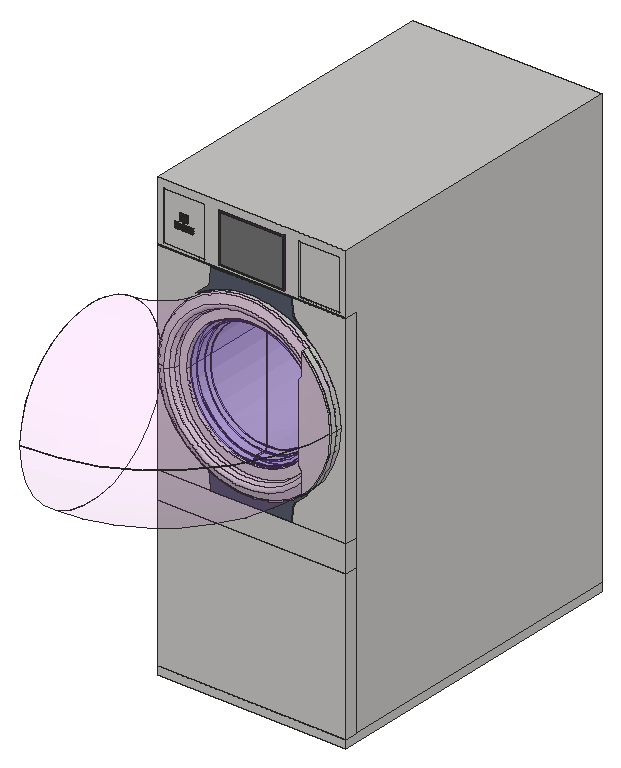
Revit family "QF_ELECTROLUXPROFESSIONAL_1LSNSR_TD6-16_G", category Attrezzature speciali, Revit 2021
Family settings
  Quota connettore circolare = Usa diametro
  Tipo di parte = Normale
  Basato su piano di lavoro = No
  Sempre verticale = Sì
  Taglio con vuoti quando caricato = No
  Condiviso = No
  Punto di calcolo locali = No
Parameters (values of type "9872230011")
  Weight = 189
  Watts = 800 W
  Volts = 240 V
  URL = "www.electroluxprofessional.com"
  Steam Pounds per Hour = 0
  Show Logo [instance] = yes
  Show Clearance [instance] = yes
  Sensible Heat Output = "0.0"
  Prospetto di default = 0 mm
  Produttore = "Electrolux Professional"
  Phase = 1
  Modello = "TD6-16"
  Length Actual = 715 mm
  Latent Heat Output = "0.0"
  Item Number = "1L0G43"
  Height Actual = 1690 mm
  Gas KW = 21
  Descrizione = "TUMBLE DRYER TD6-16 16KG GALVA.DRUM GAS 21KW 240/50/1 COMPASS PRO 6G81 SLVR/SLVR DO.RIGHT REV MB STOP DISCON DMPR"
  Depth Actual = 1210 mm
  Cycle = 50 Hz
  Corrente [instance] = "3.8"
Types (31, lengths in mm): name | Volts | Steam Pounds per Hour | Phase | Item Number | Gas KW | Descrizione | Cycle | Corrente
  (no name) | 240 V | 0 | 1 | "1L0G43" | 21 | "TUMBLE DRYER TD6-16 16KG GALVA.DRUM GAS 21KW 240/50/1 COMPASS PRO 6G81 SLVR/SLVR DO.RIGHT REV MB STOP DISCON DMPR" | 50 Hz | "3.8"
  9872230001 | 230 V | 0 | 1 | "1L0G34" | 21 | "TUMBLE DRYER TD6-16 16KG GALVA.DRUM GAS 21KW 230/50/1 COMPASS PRO 6G82 SLVR/SLVR DO.RIGHT REV DISCON DMPR" | 50 Hz | "3.8"
  9872230021 | 415 V | 0 | 3 | "1L0G4D" | 21 | "TUMBLE DRYER TD6-16 16KG GALVA.DRUM GAS 21KW 380-415/50/3N COMPASS PRO 6G82 SLVR/SLVR DO.RIGHT REV DMPR" | 50 Hz | "1.5"
  9872230099 | 220 V | 0 | 3 | "1L0H9J" | 0 | "TUMBLE DRYER TD6-16 16KG GALVA.DRUM GAS 21KW 220/60/3 COMPASS PRO 6G81 SLVR/SLVR DO.RIGHT REV MB STOP DISCON DMPR" | 60 Hz | "2.6"
  9872230041 | 415 V | 0 | 3 | "1LSP7G" | 21 | "TUMBLE DRYER TD6-16 16KG GALVA.DRUM GAS 21KW 380-415/50/3N COMPASS PRO 6L80 2.I/O SLVR/SLVR DO.RIGHT EXT.PM. REV DIS..." | 50 Hz | "1.5"
  9872230105 | 220 V | 41 | 1 | "1LT6GM" | 0 | "TUMBLE DRYER TD6-16 16KG GALVA.DRUM GAS 21KW 220/50/1 COMPASS PRO 6A81 SLVR/SLVR DO.RIGHT REV MB STOP DMPR" | 50 Hz | "3.8"
  9872230100 | 220 V | 0 | 3 | "1L0H9K" | 0 | "TUMBLE DRYER TD6-16 16KG GALVA.DRUM GAS 21KW 220/60/3 COMPASS PRO 6G82 SLVR/SLVR DO.RIGHT REV STOP DISCON DMPR" | 60 Hz | "2.6"
  9872230096 | 200 V | 0 | 3 | "1LT612" | 0 | "TUMBLE DRYER TD6-16 16KG SST DRUM GPL 21KW 200/60/3 COMPASS PRO 6G85 SLVR/SLVR DO.RIGHT REV MB DISCON DMPR" | 60 Hz | "2.6"
  9872230016 | 415 V | 0 | 3 | "1L0G48" | 21 | "TUMBLE DRYER TD6-16 16KG SST DRUM GAS 21KW 380-415/50/3N COMPASS PRO 6L80 2.I/O SLVR/SLVR DO.RIGHT EXT.PM. REV DISCO..." | 50 Hz | "1.5"
  9872230006 | 230 V | 0 | 1 | "1L0G40" | 21 | "TUMBLE DRYER TD6-16 16KG GALVA.DRUM GAS 21KW 230/50/1 COMPASS PRO 6L80 SLVR/SLVR DO.RIGHT REV DMPR" | 50 Hz | "3.8"
  9872230093 | 200 V | 0 | 3 | "1L0H7R" | 0 | "TUMBLE DRYER TD6-16 16KG GALVA.DRUM GPL 21KW 200/50/3 COMPASS PRO 6G85 SLVR/SLVR DO.RIGHT REV MB DISCON DMPR" | 50 Hz | "2.6"
  9872230026 | 240 V | 0 | 1 | "1L0G4J" | 21 | "TUMBLE DRYER TD6-16 16KG GALVA.DRUM GAS 21KW 240/50/1 COMPASS PRO 6G81 SLVR/SLVR DO.RIGHT REV MB DISCON DMPR" | 50 Hz | "3.8"
  9872230083 | 200 V | 0 | 3 | "1LT5Z4" | 0 | "TUMBLE DRYER TD6-16 16KG SST DRUM GPL 21KW 200/60/3 COMPASS PRO 6G86 SLVR/SLVR DO.RIGHT REV DISCON DMPR" | 60 Hz | "2.6"
  9872230013 | 415 V | 0 | 3 | "1L0G45" | 21 | "TUMBLE DRYER TD6-16 16KG SST DRUM GAS 21KW 380-415/50/3N COMPASS PRO 6G81 SLVR/SLVR DO.RIGHT REV MB DISCON DMPR" | 50 Hz | "1.5"
  9872230023 | 415 V | 0 | 3 | "1L0G4F" | 21 | "TUMBLE DRYER TD6-16 16KG GALVA.DRUM GAS 21KW 380-415/50/3N COMPASS PRO 6G82 SLVR/SLVR DO.RIGHT REV DISCON DMPR" | 50 Hz | "1.5"
  9872230090 | 200 V | 0 | 3 | "1LT5Z5" | 0 | "TUMBLE DRYER TD6-16 16KG SST DRUM GPL 21KW 200/50/3 COMPASS PRO 6G86 SLVR/SLVR DO.RIGHT REV DISCON DMPR" | 50 Hz | "2.6"
  9872230010 | 240 V | 0 | 1 | "1LSP9E" | 21 | "TUMBLE DRYER TD6-16 16KG GALVA.DRUM GAS 21KW 240/50/1 COMPASS PRO 6G81 SLVR/SLVR DO.RIGHT REV MB STOP DISCON DMPR" | 50 Hz | "3.8"
  9872230098 | 200 V | 0 | 3 | "1L0H93" | 0 | "TUMBLE DRYER TD6-16 16KG SST DRUM GPL 21KW 200/60/3 COMPASS PRO 6L85 SST/SLVR DO.RIGHT REV DISCON DMPR" | 60 Hz | "2.6"
  9872230095 | 200 V | 0 | 3 | "1LT611" | 0 | "TUMBLE DRYER TD6-16 16KG SST DRUM GPL 21KW 200/50/3 COMPASS PRO 6G85 SLVR/SLVR DO.RIGHT REV MB DISCON DMPR" | 50 Hz | "2.6"
  9872230025 | 415 V | 0 | 3 | "1L0G4H" | 21 | "TUMBLE DRYER TD6-16 16KG SST DRUM GAS 21KW 380-415/50/3N COMPASS PRO 6G82 SLVR/SLVR DO.RIGHT REV DISCON DMPR" | 50 Hz | "1.5"
  9872230055 | 230 V | 0 | 1 | "1LSPCZ" | 21 | "TUMBLE DRYER TD6-16 16KG SST DRUM GAS 21KW 230/50/1 COMPASS PRO 6L80 2.I/O SLVR/SLVR DO.RIGHT EXT.PM. REV DISCON DMPR" | 50 Hz | "3.8"
  9872230012 | 230 V | 0 | 1 | "1L0G44" | 21 | "TUMBLE DRYER TD6-16 16KG GALVA.DRUM GAS 21KW 230/50/1 COMPASS PRO 6L80 2.I/O SLVR/SLVR DO.RIGHT EXT.PM. REV DISCON DMPR" | 50 Hz | "3.8"
  9872230097 | 200 V | 0 | 3 | "1L0H92" | 0 | "TUMBLE DRYER TD6-16 16KG SST DRUM GPL 21KW 200/50/3 COMPASS PRO 6L85 SST/SLVR DO.RIGHT REV DISCON DMPR" | 50 Hz | "2.6"
  9872230057 | 240 V | 0 | 1 | "1LA21S" | 21 | "TUMBLE DRYER TD6-16 16KG GALVA.DRUM GAS 21KW 240/50/1 COMPASS PRO 6G82 SLVR/SLVR DO.RIGHT REV STOP DISCON DMPR" | 50 Hz | "3.8"
  9872230094 | 200 V | 0 | 3 | "1LT610" | 0 | "TUMBLE DRYER TD6-16 16KG SST DRUM GPL 21KW 200/50/3 COMPASS PRO 6L85 SLVR/SLVR DO.RIGHT REV DISCON DMPR" | 50 Hz | "2.6"
  9872230004 | 230 V | 0 | 1 | "1L0G37" | 21 | "TUMBLE DRYER TD6-16 16KG GALVA.DRUM GAS 21KW 230/50/1 COMPASS PRO 6G81 SLVR/SLVR DO.RIGHT REV MB DISCON DMPR" | 50 Hz | "3.8"
  9872230034 | 220 V | 0 | 1 | "1L0G4P" | 21 | "TUMBLE DRYER TD6-16 16KG SST DRUM GAS 21KW 220/50/1 COMPASS PRO 6L85 SLVR/SLVR DO.RIGHT REV DMPR" | 50 Hz | "3.8"
  9872230081 | 230 V | 0 | 1 | "1LSPSH" | 0 | "TUMBLE DRYER TD6-16 16KG SST DRUM GAS 21KW 230/50/1 COMPASS PRO 6G82 SLVR/SLVR DO.RIGHT REV DISCON DMPR" | 50 Hz | "3.8"
  9872230091 | 200 V | 0 | 3 | "1LT5Z6" | 0 | "TUMBLE DRYER TD6-16 16KG SST DRUM GPL 21KW 200/60/3 COMPASS PRO 6L85 SLVR/SLVR DO.RIGHT REV DISCON DMPR" | 60 Hz | "2.6"
  9872230044 | 415 V | 0 | 3 | "1L0GAT" | 21 | "TUMBLE DRYER TD6-16 16KG GALVA.DRUM GAS 21KW 380-415/50/3 COMPASS PRO 6G82 SLVR/SLVR DO.RIGHT REV STOP DISCON DMPR" | 50 Hz | "1.5"
  9872230011 | 240 V | 0 | 1 | "1L0G43" | 21 | "TUMBLE DRYER TD6-16 16KG GALVA.DRUM GAS 21KW 240/50/1 COMPASS PRO 6G81 SLVR/SLVR DO.RIGHT REV MB STOP DISCON DMPR" | 50 Hz | "3.8"
Reference planes
  plane 1: z = 0
  plane 2 "BACK": y = 652.5
  plane 3 "FRONT": y = -707.5
  plane 4 "LEFT": x = -799
  plane 5 "RIGHT": x = -84
  plane 6 "TOP": z = 1690
  plane 7: z = 544
  plane 8: y = 502.5
  plane 9 "Centro (Sinistra/Destra)": x = -441.5
  plane 10 "Center X": y = -102.5
  plane 11 "Gasx": x = -154
  plane 12 "Gasy": z = 1325
Forms (mm)
  Extrusion 1, solid, material "QF_Finishes_Stainless Steel"
    sketch origin (718.1, -398.1, 598.796) x (0, 0, -1) y (0, 1, 0)
      loop
        line (568.796, 900.6) -> (-860.204, 900.6) -> (-860.204, -265.453) -> (568.796, -265.453) -> (568.796, 900.6)
    from -1517.1 to -802.1
  Sweep 2, solid, material "QF_Finishes_Black"
    path origin (647.309, -705.9, 1603.42) x (0, 0, -1) y (1, 0, 0)
      loop
        line (131.445, -962.809) -> (-57.647, -962.809) -> (-57.647, -1214.809) -> (131.445, -1214.809) -> (131.445, -962.809)
    profile origin (-315.5, -705.9, 1566.521) x (-1, 0, 0) y (0, -1, 0)
      loop
        line (5, 0) -> (5, 5)
        arc (5, 5) -> (1.464, 3.536) -> (0, 0) r 5
        line (0, 0) -> (5, 0)
  Extrusion 3, solid, material "QF_Finishes_Dark Grey"
    sketch origin (647.309, -705.9, 1603.42) x (0, 0, -1) y (1, 0, 0)
      loop
        line (126.445, -1209.809) -> (126.445, -967.809) -> (-52.647, -967.809) -> (-52.647, -1209.809) -> (126.445, -1209.809)
    from 0 to 4
  Extrusion 4, void
    sketch origin (889, -667.06, 1147.91) x (0, 0, -1) y (1, 0, 0)
      loop
        circle (69.994, -1331.5) r 245
    from -451.9 to 89.4
  Extrusion 5, solid, material "QF_Finishes_Stainless Steel"
    sketch origin (758.278, 502.5, 380.233) x (0, 0, 1) y (1, 0, 0)
      loop
        circle (1014.767, -897.278) r 15.184
    from 0 to 5.231
  Extrusion 6, solid, material "QF_Finishes_Stainless Steel"
    sketch origin (618.455, 502.5, 97.018) x (0, 0, 1) y (1, 0, 0)
      loop
        circle (67.982, -1277.455) r 15
    from 0 to 5
  Extrusion 7, solid, material "QF_Finishes_Stainless Steel"
    sketch origin (-499, 0, -81) x (0, 1, 0) y (0, 0, 1)
      loop
        line (502.5, 1540) -> (502.5, 1771) -> (-707.5, 1771) -> (-707.5, 1541.816)
        arc (-707.5, 1541.816) -> (-706.968, 1540.532) -> (-705.684, 1540) r 1.816
        line (-705.684, 1540) -> (502.5, 1540)
    from -300 to 415
  Extrusion 8, solid, material "QF_Finishes_Stainless Steel"
    sketch origin (0, 0, 1114.3) x (-1, 0, 0) y (0, -1, 0)
      loop
        line (799, -502.5) -> (799, 707.5) -> (84, 707.5) -> (84, -502.5) -> (799, -502.5)
    from -1114.3 to -1084.3
  Extrusion 9, solid, material "QF_Finishes_Stainless Steel"
    sketch origin (-499, -268.96, 0) x (0, 1, 0) y (0, 0, 1)
      loop
        line (-394.593, 1459) -> (-438.54, 1459) -> (-438.54, 693.302) -> (-394.593, 693.302) -> (-394.593, 1459)
    from -300 to 415
  Extrusion 10, solid, material "QF_Finishes_Stainless Steel"
    sketch origin (-499, -268.96, -20.198) x (0, 1, 0) y (0, 0, 1)
      loop
        line (-438.54, 713.5) -> (-438.54, 613.5) -> (-394.593, 613.5) -> (-394.593, 713.5) -> (-438.54, 713.5)
    from -300 to 415
  Extrusion 11, solid, material "QF_Finishes_Stainless Steel"
    sketch origin (-499, -268.96, 0) x (0, 1, 0) y (0, 0, 1)
      loop
        line (-394.593, 593.302) -> (-438.54, 593.302) -> (-438.54, 30) -> (-394.593, 30) -> (-394.593, 593.302)
    from -300 to 415
  Sweep 12, solid, material "QF_Finishes_Stainless Steel"
    path origin (-409, -707.5, 1396.139) x (0, 0, -1) y (1, 0, 0)
      loop
        circle (318.576, -33.5) r 337.5
    profile origin (-442.5, -707.5, 1415.062) x (0, 0, -1) y (0, -1, 0)
      loop
        line (0, 0) -> (60.401, 0)
        arc (60.401, 0) -> (59.825, 6.814) -> (57.535, 13.257) r 26.651
        line (57.535, 13.257) -> (49.537, 28.994)
        arc (49.537, 28.994) -> (42.511, 35.32) -> (33.058, 35.302) r 13.156
        line (33.058, 35.302) -> (4.309, 24.168)
        arc (4.309, 24.168) -> (1.18, 21.691) -> (0, 17.88) r 6.744
        line (0, 17.88) -> (0, 0)
  Revolve 13, solid, material "QF_Finishes_Glass"
    sketch origin (-444, -439.313, 506.582) x (0, 1, 0) y (0, 0, 1)
      loop
        arc (-190.673, 783.338) -> (-195.066, 793.945) -> (-205.673, 798.338) r 15
        line (-205.673, 798.338) -> (-244.95, 798.338)
        arc (-244.95, 798.338) -> (-252.021, 801.267) -> (-254.95, 808.338) r 10
        line (-254.95, 808.338) -> (-254.95, 816.338) -> (-259.95, 816.338) -> (-259.95, 808.338)
        arc (-259.95, 808.338) -> (-255.556, 797.732) -> (-244.95, 793.338) r 15
        line (-244.95, 793.338) -> (-205.673, 793.338)
        arc (-205.673, 793.338) -> (-198.602, 790.409) -> (-195.673, 783.338) r 10
        line (-195.673, 783.338) -> (-195.673, 570.975) -> (-190.673, 570.975) -> (-190.673, 783.338)
      axis (-259.95, 570.975) -> (-190.673, 570.975)
    angle from 0 to 360
  Extrusion 14, solid, material "QF_Finishes_Blue"
    sketch origin (-538.526, -707.5, 816.193) x (0, 0, 1) y (-1, 0, 0)
      loop
        arc (594.486, 60.933) -> (579.244, 65.533) -> (566.695, 75.331) r 43.3
        line (566.695, 75.331) -> (532.276, 114.098)
        arc (532.276, 114.098) -> (598.87, -96.026) -> (532.82, -306.322) r 366.295
        line (532.82, -306.322) -> (566.695, -268.167)
        arc (566.695, -268.167) -> (579.244, -258.37) -> (594.486, -253.77) r 43.3
        line (594.486, -253.77) -> (642.075, -248.6) -> (642.075, 55.764) -> (594.486, 60.933)
    from 0 to 1.6
  Extrusion 15, solid, material "QF_Finishes_Blue"
    sketch origin (-538.526, -707.5, 873.783) x (0, 0, 1) y (-1, 0, 0)
      loop
        line (-129.403, 60.926) -> (-176.925, 55.764) -> (-176.925, -248.6) -> (-129.403, -253.763)
        arc (-129.403, -253.763) -> (-114.123, -258.355) -> (-101.544, -268.169) r 43.3
        line (-101.544, -268.169) -> (-67.127, -306.934) -> (-59.705, -306.934)
        arc (-59.705, -306.934) -> (-133.72, -96.528) -> (-60.331, 114.098) r 337.5
        line (-60.331, 114.098) -> (-67.127, 114.098) -> (-101.544, 75.332)
        arc (-101.544, 75.332) -> (-114.123, 65.518) -> (-129.403, 60.926) r 43.3
    from 0 to 1.6
  Extrusion 16, solid, material "QF_Finishes_Stainless Steel"
    sketch origin (-344.419, -707.5, 1396.139) x (0, 0, -1) y (1, 0, 0)
      loop
        line (176.622, 119.08) -> (460.53, 119.08)
        arc (460.53, 119.08) -> (462.936, 119.45) -> (465.119, 120.527) r 8
        line (465.119, 120.527) -> (479.01, 130.253)
        arc (479.01, 130.253) -> (481.193, 131.33) -> (483.599, 131.7) r 8
        line (483.599, 131.7) -> (565.106, 132.416)
        arc (565.106, 132.416) -> (452.97, 211.506) -> (318.617, 239.419) r 337.5
        arc (318.617, 239.419) -> (184.232, 211.528) -> (72.064, 132.435) r 337.5
        line (72.064, 132.435) -> (153.554, 131.7)
        arc (153.554, 131.7) -> (155.934, 131.338) -> (158.099, 130.284) r 8
        line (158.099, 130.284) -> (172.033, 120.527)
        arc (172.033, 120.527) -> (174.216, 119.45) -> (176.622, 119.08) r 8
    from 44.672 to 48.96
  Extrusion 17, solid, material "QF_Finishes_Stainless Steel"
    sketch origin (-344.419, -756.46, 1396.139) x (0, 0, -1) y (1, 0, 0)
      loop
        line (72.064, 132.435) -> (85.942, 132.435)
        arc (85.942, 132.435) -> (192.574, 204.21) -> (318.616, 229.419) r 327.5
        arc (318.616, 229.419) -> (444.627, 204.189) -> (551.229, 132.416) r 327.5
        line (551.229, 132.416) -> (565.106, 132.416)
        arc (565.106, 132.416) -> (452.97, 211.506) -> (318.617, 239.419) r 337.5
        arc (318.617, 239.419) -> (184.232, 211.528) -> (72.064, 132.435) r 337.5
    from -4.287 to -26.937
  Extrusion 18, void
    sketch origin (-499, -707.5, 812.425) x (0, 0, -1) y (-1, 0, 0)
      loop
        line (-848.642, 277.283) -> (-848.642, 122.283) -> (-659.55, 122.283) -> (-659.55, 277.283) -> (-848.642, 277.283)
      loop
        line (-848.642, -392.283) -> (-659.55, -392.283) -> (-659.55, -237.283) -> (-848.642, -237.283) -> (-848.642, -392.283)
    from 0 to 1.6
  Revolve 19, solid, material "QF_Door-Drawer Clearances", visible <- "Show Clearance"
    sketch origin (-1732, -707.5, 1147.557) x (0, 0, -1) y (1, 0, 0)
      loop
        circle (69.994, 1289.5) r 337.5
      axis (69.994, 952) -> (68.994, 952)
    angle from 0 to -90
  Extrusion 20, solid, material "QF_Finishes_Stainless Steel"
    sketch origin (-499, -707.5, 812.425) x (0, 0, 1) y (-1, 0, 0)
      loop
        line (532.575, 150) -> (-167.425, 150) -> (-167.425, -265) -> (532.575, -265) -> (532.575, 150)
    from -1210 to -1360
  Extrusion 21, solid, material "QF_Finishes_Stainless Steel"
    sketch origin (0, 652.5, 0) x (-1, 0, 0) y (0, 0, 1)
      loop
        circle (154, 1325) r 6.35
    from -150 to -144.769
Cuts and joins
  Extrusion 4, Extrusion 18 cuts Extrusion 1
  Extrusion 4, Extrusion 18 cuts Extrusion 7
  joined: Extrusion 1, Extrusion 7
  Extrusion 4 cuts Extrusion 9
Lines and regions (mm)
  symbolic lines
    curve 1: line (-84, 502.5, 1690) -> (-799, 502.5, 1690)
    curve 2: line (-799, -707.5, 1690) -> (-84, -707.5, 1690)
    curve 3: line (-84, 502.5, 0) -> (-84, -707.5, 0)
    curve 4: line (-799, 502.5, 0) -> (-799, -707.5, 0)
    curve 5: line (-649, 652.5, 0) -> (-649, 502.5, 0)
    curve 6: line (-234, 652.5, 0) -> (-649, 652.5, 0)
    curve 7: line (-234, 502.5, 0) -> (-234, 652.5, 0)
  symbolic lines, style "QF_Door-Drawer Clearances"
    curve 8: line (-780, -1382.19, 0) -> (-780, -707.5, 0)
    curve 9: arc (-780, -1382.19, 0) -> (-302.922, -1184.578, 0) -> (-105.31, -707.5, 0) r 674.69
Dimensions and locks
  plane 4 "LEFT" to plane 5 "RIGHT" = 715 mm  (x2)
  plane 2 "BACK" to plane 3 "FRONT" = 1360 mm  (x3)
  plane 6 "TOP" to level = 1690 mm
  plane 3 "FRONT" to plane 2 "BACK" = 1360 mm
  Extrusion 6 sketch curve to plane 4 "LEFT" = 140 mm
  Extrusion 8 to Extrusion 6 sketch curve = 165 mm
  Extrusion 15 to level = 740.062 mm
  plane 2 "BACK" to plane 8 = 150 mm
  plane 5 "RIGHT" to plane 11 "Gasx" = 70 mm
  plane 12 "Gasy" to plane 6 "TOP" = 365 mm
  aligned and locked: level to plane 1
  aligned and locked: Extrusion 1 to plane 4 "LEFT"
  aligned and locked: plane 5 "RIGHT" to Extrusion 1
  aligned and locked: plane 5 "RIGHT" to Extrusion 7
  aligned and locked: Extrusion 7 to plane 4 "LEFT"
  aligned and locked: plane 5 "RIGHT" to Extrusion 11
  aligned and locked: Extrusion 11 to plane 4 "LEFT"
  aligned and locked: Extrusion 10 to plane 4 "LEFT"
  aligned and locked: plane 5 "RIGHT" to Extrusion 10
  aligned and locked: Extrusion 9 to plane 4 "LEFT"
  aligned and locked: plane 5 "RIGHT" to Extrusion 9
  aligned and locked: Extrusion 16 to Extrusion 17
Nested families
  nested 1: "ELX_Logo_Professional" at (-698.783, -705.9, 1566.067) x (1, 0, 0) z (0, -1, 0), type "ELX_Logo_Professional"
Connectors
  piping at (-659, 507.5, 165), diameter 30
    settings: on Extrusion 6, index 3, connector inside diameter 609.6 mm, connector length 0 mm, flow factor 0, pipe flow 0.0 L/s, pressure drop 0.0 Pa, fitting loss kfactor 0, connector angle 0.00°, fixture units 0, engagement length 0 mm, angle of deflection 0.00°, flow configuration 1, flow direction 2, fitting loss method 0, system type 8, joint type 0, gender type 0, connector reference index -1, connector utility 0, adjustable connector no, is connector primary yes, connector description "Exhaust Connection"
  electrical at (-139, 507.731, 1395)
    settings: on Extrusion 5, index 4, voltage 0 V, apparent load 0 VA, apparent load phase1 0 VA, apparent load phase2 0 VA, apparent load phase3 0 VA, power factor 1, load classification "Other", number of poles 1, system type 30, power factor state 1, is connector primary yes, connector utility no, sub classification motor no, connector description "Electrical Connection"
  piping at (-154, 507.731, 1325), diameter 12.7
    settings: on Extrusion 21, index 5, connector inside diameter 609.6 mm, connector length 0 mm, flow factor 0, pipe flow 0.0 L/s, pressure drop 0.0 Pa, fitting loss kfactor 0, connector angle 0.00°, fixture units 0, engagement length 0 mm, angle of deflection 0.00°, flow configuration 1, flow direction 1, fitting loss method 0, system type 7, joint type 0, gender type 0, connector reference index -1, connector utility 0, adjustable connector no, is connector primary no, connector description "Gas connection"
Definition of nested family "ELX_Logo_Professional"
  Parameters (values of type "ELX_Logo_Professional")
    materiale = none
    Default Elevation = 0 mm
  Reference planes
    plane 1 "Centro (Fronte/Retro)": y = 0
    plane 2: z = 0
    plane 3 "Centro (Sinistra/Destra)": x = 0
  Forms (mm)
    Extrusion 1, solid
      sketch origin (0, 0, 0) x (1, 0, 0) y (0, 1, 0)
        loop
          line (-1219.2, 1219.2) -> (-1219.2, -1219.2) -> (1219.2, -1219.2) -> (1219.2, 1219.2) -> (-1219.2, 1219.2)
      from 0 to -304.8
    Extrusion 2, solid, material <- "materiale"
      sketch origin (-144.622, -1081.55, 0) x (-1, 0, 0) y (0, -1, 0)
        loop
          line (-130.265, -1113.361) -> (-130.265, -1084.645) -> (-158.979, -1084.645) -> (-158.979, -1113.361) -> (-130.265, -1113.361)
        loop
          arc (-146.24, -1106.937) -> (-147.076, -1109.166) -> (-147.324, -1111.534) r 9.395
          arc (-147.324, -1111.534) -> (-145.139, -1111.806) -> (-142.939, -1111.706) r 13.008
          line (-142.939, -1111.706) -> (-141.329, -1111.382) -> (-139.8, -1110.859) -> (-138.364, -1110.152) -> (-137.035, -1109.277) -> (-135.826, -1108.249) -> (-134.751, -1107.081) -> (-133.821, -1105.789) -> (-133.05, -1104.389) -> (-132.452, -1102.893) -> (-132.039, -1101.318) -> (-131.824, -1099.675) -> (-134.539, -1099.675) -> (-136.155, -1099.784) -> (-137.741, -1100.101) -> (-139.277, -1100.613) -> (-140.74, -1101.304) -> (-142.111, -1102.159) -> (-143.367, -1103.165) -> (-144.488, -1104.306) -> (-145.453, -1105.568) -> (-146.24, -1106.937)
        loop
          line (-148.67, -1086.844) -> (-150.173, -1087.464) -> (-151.57, -1088.253) -> (-152.847, -1089.196) -> (-153.992, -1090.281) -> (-154.994, -1091.494) -> (-155.841, -1092.821) -> (-156.519, -1094.25) -> (-157.018, -1095.766) -> (-157.324, -1097.357) -> (-157.427, -1099.009) -> (-157.315, -1100.685) -> (-156.998, -1102.296) -> (-156.488, -1103.827) -> (-155.799, -1105.265) -> (-154.946, -1106.596) -> (-153.94, -1107.806) -> (-152.796, -1108.882) -> (-151.528, -1109.81) -> (-150.148, -1110.576) -> (-148.67, -1111.167) -> (-148.67, -1086.844)
        loop
          arc (-147.323, -1086.473) -> (-147.041, -1088.83) -> (-146.239, -1091.065) r 10.532
          line (-146.239, -1091.065) -> (-145.452, -1092.432) -> (-144.488, -1093.693) -> (-143.367, -1094.833) -> (-142.111, -1095.838) -> (-140.741, -1096.693) -> (-139.278, -1097.383) -> (-137.743, -1097.894) -> (-136.157, -1098.211) -> (-134.541, -1098.32) -> (-131.822, -1098.32) -> (-131.976, -1096.81) -> (-132.312, -1095.353) -> (-132.818, -1093.961) -> (-133.481, -1092.644) -> (-134.291, -1091.416) -> (-135.235, -1090.288) -> (-136.302, -1089.272) -> (-137.48, -1088.379) -> (-138.757, -1087.622) -> (-140.121, -1087.012) -> (-141.56, -1086.561) -> (-143.063, -1086.281) -> (-144.633, -1086.183)
          arc (-144.633, -1086.183) -> (-145.985, -1086.264) -> (-147.323, -1086.473) r 14.39
        loop
          line (-111.329, -1069.559) -> (-111.329, -1071.073) -> (-116.048, -1071.073) -> (-116.048, -1072.896) -> (-111.328, -1072.896) -> (-111.328, -1075.549) -> (-116.349, -1075.549) -> (-116.349, -1077.368) -> (-109.396, -1077.368) -> (-109.396, -1073.46) -> (-109.396, -1069.659)
          arc (-109.396, -1069.659) -> (-110.425, -1067.175) -> (-112.909, -1066.146) r 3.513
          line (-112.909, -1066.146) -> (-116.483, -1066.146) -> (-116.483, -1067.963) -> (-112.925, -1067.963)
          arc (-112.925, -1067.963) -> (-111.797, -1068.431) -> (-111.329, -1069.559) r 1.596
        loop
          line (-119.79, -1077.358) -> (-117.856, -1077.358) -> (-117.856, -1072.053) -> (-117.856, -1066.132) -> (-119.79, -1066.132) -> (-119.79, -1072.092) -> (-119.79, -1077.358)
        loop
          line (-122.986, -1069.718) -> (-129.327, -1069.718)
          arc (-129.327, -1069.718) -> (-129.219, -1071.449) -> (-128.497, -1073.026) r 4.757
          arc (-128.497, -1073.026) -> (-125.237, -1074.5) -> (-121.978, -1073.026) r 4.34
          arc (-121.978, -1073.026) -> (-121.072, -1070.207) -> (-121.978, -1067.388) r 4.838
          arc (-121.978, -1067.388) -> (-125.393, -1065.933) -> (-128.809, -1067.388) r 4.737
          line (-128.809, -1067.388) -> (-127.645, -1068.52)
          arc (-127.645, -1068.52) -> (-125.509, -1067.576) -> (-123.374, -1068.52) r 2.888
          arc (-123.374, -1068.52) -> (-123.05, -1069.077) -> (-122.986, -1069.718) r 1.527
        loop
          arc (-127.386, -1071.076) -> (-126.67, -1072.331) -> (-125.331, -1072.872) r 2.201
          arc (-125.331, -1072.872) -> (-123.848, -1072.402) -> (-123.033, -1071.076) r 2.23
          line (-123.033, -1071.076) -> (-127.386, -1071.076)
        loop
          line (-136.862, -1071.886) -> (-138.059, -1073.132)
          arc (-138.059, -1073.132) -> (-130.327, -1070.219) -> (-138.059, -1067.306) r 4.415
          line (-138.059, -1067.306) -> (-136.862, -1068.553)
          arc (-136.862, -1068.553) -> (-132.252, -1070.22) -> (-136.862, -1071.886) r 2.606
        loop
          line (-141.192, -1069.673) -> (-141.192, -1072.494) -> (-142.951, -1072.494) -> (-142.951, -1074.25) -> (-141.195, -1074.25) -> (-141.195, -1077.358) -> (-139.262, -1077.358) -> (-139.262, -1073.332) -> (-139.262, -1069.514)
          arc (-139.262, -1069.514) -> (-140.299, -1066.92) -> (-142.98, -1066.132) r 3.196
          line (-142.98, -1066.132) -> (-142.987, -1067.949)
          arc (-142.987, -1067.949) -> (-141.652, -1068.356) -> (-141.192, -1069.673) r 1.542
        loop
          line (-146.494, -1073.042) -> (-146.494, -1074.25) -> (-144.576, -1074.25) -> (-144.576, -1070.271) -> (-144.576, -1066.132) -> (-146.494, -1066.132) -> (-146.494, -1070.401)
          arc (-146.494, -1070.401) -> (-147.446, -1072.228) -> (-149.489, -1072.494) r 2.229
          line (-149.489, -1072.494) -> (-149.489, -1074.362)
          arc (-149.489, -1074.362) -> (-147.761, -1074.226) -> (-146.494, -1073.042) r 2.627
        loop
          line (-159.833, -1072.246) -> (-159.833, -1066.131) -> (-161.767, -1066.131) -> (-161.767, -1072.17) -> (-161.767, -1077.359) -> (-159.833, -1077.359) -> (-159.833, -1072.246)
        loop
          line (-165.194, -1069.514) -> (-165.194, -1074.25) -> (-163.245, -1074.25) -> (-163.245, -1071.898) -> (-163.245, -1069.098)
          arc (-163.245, -1069.098) -> (-166.96, -1065.769) -> (-170.687, -1069.085) r 3.745
          line (-170.687, -1069.085) -> (-170.687, -1071.898) -> (-170.687, -1074.25) -> (-168.739, -1074.25) -> (-168.739, -1069.514)
          arc (-168.739, -1069.514) -> (-166.967, -1067.742) -> (-165.194, -1069.514) r 1.772
        loop
          line (-174.654, -1070.416) -> (-172.975, -1068.078) -> (-171.578, -1066.131) -> (-173.656, -1066.131) -> (-175.717, -1068.999) -> (-177.779, -1066.131) -> (-179.857, -1066.131) -> (-178, -1068.728) -> (-176.781, -1070.433) -> (-178.29, -1072.488) -> (-179.583, -1074.25) -> (-177.473, -1074.25) -> (-175.717, -1071.818) -> (-173.945, -1074.25) -> (-171.852, -1074.25) -> (-173.052, -1072.608) -> (-174.654, -1070.416)
        loop
          circle (-154.223, -1070.188) r 2.508
        loop
          circle (-154.223, -1070.188) r 4.42
        loop
          line (-110.224, -1058.542) -> (-111.194, -1058.542)
          arc (-111.194, -1058.542) -> (-112.217, -1059.95) -> (-110.924, -1061.114) r 1.3
          line (-110.924, -1061.114) -> (-109.424, -1061.114) -> (-109.424, -1057.223) -> (-110.224, -1057.223) -> (-110.224, -1058.542)
        loop
          line (-110.224, -1060.379) -> (-110.224, -1059.293) -> (-111.03, -1059.293)
          arc (-111.03, -1059.293) -> (-111.43, -1059.836) -> (-111.03, -1060.379) r 0.569
          line (-111.03, -1060.379) -> (-110.224, -1060.379)
        loop
          line (-116.302, -1058.564) -> (-117.128, -1058.564) -> (-117.934, -1057.223) -> (-118.841, -1057.223) -> (-117.833, -1058.884)
          arc (-117.833, -1058.884) -> (-118.214, -1060.282) -> (-117.028, -1061.114) r 1.26
          line (-117.028, -1061.114) -> (-115.503, -1061.114) -> (-115.503, -1057.223) -> (-116.302, -1057.223) -> (-116.302, -1058.564)
        loop
          line (-116.302, -1060.379) -> (-116.302, -1059.293) -> (-117.109, -1059.293)
          arc (-117.109, -1059.293) -> (-117.508, -1059.836) -> (-117.109, -1060.379) r 0.569
          line (-117.109, -1060.379) -> (-116.302, -1060.379)
        loop
          line (-128.923, -1057.223) -> (-129.723, -1057.223) -> (-129.723, -1058.714) -> (-131.187, -1058.714) -> (-131.187, -1059.514) -> (-129.723, -1059.514) -> (-129.723, -1060.314) -> (-131.327, -1060.314) -> (-131.327, -1061.114) -> (-128.923, -1061.114) -> (-128.923, -1057.223)
        loop
          arc (-134.628, -1058.469) -> (-134.992, -1057.588) -> (-135.874, -1057.223) r 1.246
          line (-135.874, -1057.223) -> (-137.13, -1057.223) -> (-137.13, -1058.023) -> (-135.969, -1058.023)
          arc (-135.969, -1058.023) -> (-135.53, -1058.237) -> (-135.427, -1058.714) r 0.558
          line (-135.427, -1058.714) -> (-136.984, -1058.714) -> (-136.984, -1059.514) -> (-135.427, -1059.514) -> (-135.427, -1060.314) -> (-137.092, -1060.314) -> (-137.092, -1061.114) -> (-134.628, -1061.114) -> (-134.628, -1058.469)
        loop
          line (-152.3, -1057.223) -> (-153.1, -1057.223) -> (-153.1, -1061.114) -> (-152.3, -1061.114) -> (-152.3, -1057.223)
        loop
          line (-164.67, -1057.223) -> (-164.67, -1059.67) -> (-166.45, -1057.223) -> (-167.25, -1057.223) -> (-167.25, -1061.114) -> (-166.42, -1061.114) -> (-166.42, -1058.594) -> (-164.64, -1061.114) -> (-163.84, -1061.114) -> (-163.84, -1057.223) -> (-164.67, -1057.223)
        loop
          line (-170.403, -1057.223) -> (-171.262, -1057.223) -> (-171.641, -1058.063) -> (-173.08, -1058.063) -> (-173.459, -1057.223) -> (-174.317, -1057.223) -> (-172.796, -1061.113) -> (-171.996, -1061.113) -> (-170.403, -1057.223)
        loop
          line (-177.493, -1057.223) -> (-179.789, -1057.223) -> (-179.789, -1058.023) -> (-178.293, -1058.023) -> (-178.293, -1061.114) -> (-177.493, -1061.114) -> (-177.493, -1057.223)
        loop
          line (-172.362, -1059.848) -> (-171.945, -1058.83) -> (-172.76, -1058.83) -> (-172.362, -1059.848)
        loop
          circle (-158.484, -1059.145) r 1.288
        loop
          circle (-158.484, -1059.145) r 2.065
        loop
          arc (-146.04, -1058.095) -> (-146.933, -1057.275) -> (-148.145, -1057.245) r 1.725
          arc (-148.145, -1057.245) -> (-148.965, -1058.02) -> (-148.68, -1059.111) r 1.107
          arc (-148.68, -1059.111) -> (-148.103, -1059.465) -> (-147.486, -1059.746) r 5.523
          arc (-147.486, -1059.746) -> (-147.147, -1060.262) -> (-147.708, -1060.52) r 0.407
          arc (-147.708, -1060.52) -> (-148.045, -1060.315) -> (-148.325, -1060.038) r 1.702
          line (-148.325, -1060.038) -> (-149.011, -1060.45)
          arc (-149.011, -1060.45) -> (-148.578, -1060.911) -> (-148.043, -1061.247) r 2.463
          arc (-148.043, -1061.247) -> (-146.373, -1060.466) -> (-147.42, -1058.949) r 1.207
          spline (-147.42, -1058.949) -> (-147.716, -1058.809) -> (-147.932, -1058.678) -> (-148.077, -1058.557) -> (-148.163, -1058.446) -> (-148.198, -1058.347) -> (-148.192, -1058.258) -> (-148.157, -1058.182) -> (-148.102, -1058.118) -> (-148.037, -1058.068) -> (-147.972, -1058.031) -> (-147.917, -1058.008) -> (-147.883, -1058)
          arc (-147.883, -1058) -> (-147.238, -1058.014) -> (-146.759, -1058.446) r 0.925
          line (-146.759, -1058.446) -> (-146.04, -1058.095)
        loop
          arc (-140.18, -1058.095) -> (-141.073, -1057.275) -> (-142.285, -1057.245) r 1.725
          arc (-142.285, -1057.245) -> (-143.106, -1058.02) -> (-142.821, -1059.111) r 1.107
          arc (-142.821, -1059.111) -> (-142.243, -1059.465) -> (-141.627, -1059.746) r 5.523
          arc (-141.627, -1059.746) -> (-141.287, -1060.262) -> (-141.849, -1060.52) r 0.407
          arc (-141.849, -1060.52) -> (-142.185, -1060.315) -> (-142.466, -1060.038) r 1.702
          line (-142.466, -1060.038) -> (-143.151, -1060.45)
          arc (-143.151, -1060.45) -> (-142.719, -1060.911) -> (-142.183, -1061.247) r 2.463
          arc (-142.183, -1061.247) -> (-140.513, -1060.466) -> (-141.56, -1058.949) r 1.207
          spline (-141.56, -1058.949) -> (-141.856, -1058.809) -> (-142.072, -1058.678) -> (-142.218, -1058.557) -> (-142.303, -1058.446) -> (-142.338, -1058.347) -> (-142.333, -1058.258) -> (-142.298, -1058.182) -> (-142.242, -1058.118) -> (-142.177, -1058.068) -> (-142.112, -1058.031) -> (-142.057, -1058.008) -> (-142.023, -1058)
          arc (-142.023, -1058) -> (-141.378, -1058.014) -> (-140.9, -1058.446) r 0.925
          line (-140.9, -1058.446) -> (-140.18, -1058.095)
        loop
          circle (-123.484, -1059.145) r 1.288
        loop
          circle (-123.484, -1059.145) r 2.065
      from 0 to 1.6
  Dimensions and locks
    aligned and locked: plane 2 to Extrusion 1
    aligned and locked: level to Extrusion 1
